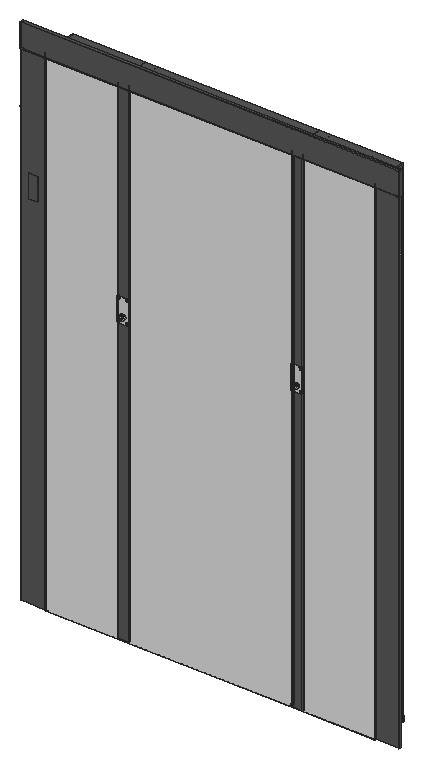
Revit family "88R0313XX", category Furniture, host Wall, Revit 2019 (continued)
Definition of nested family "8XR0313XX"
  Definition of nested family "12inch"
    Forms (in)
      Extrusion 6, solid, material <- "metal frame"
        sketch origin (-403.5, 20, 0) x (-1, 0, 0) y (0, -1, 0)
          loop
            line (-215.08282, -9.08211) -> (-214.20043, -9.08211) -> (-214.20043, -9.02231) -> (-215.08038, -9.02231)
            arc (-215.08038, -9.02231) -> (-215.12298, -9.00467) -> (-215.14063, -8.96207) r 0.06025
            line (-215.14063, -8.96207) -> (-215.14062, -3.7266)
            arc (-215.14062, -3.7266) -> (-215.15284, -3.67393) -> (-215.187, -3.63203) r 0.1196
            arc (-215.187, -3.63203) -> (-215.19896, -3.61239) -> (-215.20312, -3.58979) r 0.06341
            line (-215.20312, -3.58979) -> (-215.26292, -3.58979)
            arc (-215.26292, -3.58979) -> (-215.25949, -3.61774) -> (-215.2494, -3.64402) r 0.11553
            arc (-215.2494, -3.64402) -> (-215.23535, -3.66547) -> (-215.21763, -3.684) r 0.14049
            arc (-215.21763, -3.684) -> (-215.20489, -3.70363) -> (-215.20042, -3.7266) r 0.06131
            line (-215.20042, -3.7266) -> (-215.20043, -8.96451)
            arc (-215.20043, -8.96451) -> (-215.16598, -9.04767) -> (-215.08282, -9.08211) r 0.1176
        from 0.24656 to 82.99656
      Extrusion 7, void
        sketch origin (-186.41917, 25.51162, 41.62156) x (0, -1, 0) y (0, 0, 1)
          loop
            line (-1.51188, 23.9375) -> (-1.51188, 13.125) -> (-0.88688, 13.125) -> (-0.88688, 23.9375) -> (-1.51188, 23.9375)
          loop
            line (-1.51188, -23.375) -> (-1.51188, -39.375) -> (-0.88688, -39.375) -> (-0.88688, -23.375) -> (-1.51188, -23.375)
          loop
            arc (0.53632, 4.5625) -> (0.66132, 4.4375) -> (0.78632, 4.5625) r 0.125
            line (0.78632, 4.5625) -> (0.78632, 8.6875)
            arc (0.78632, 8.6875) -> (0.66132, 8.8125) -> (0.53632, 8.6875) r 0.125
            line (0.53632, 8.6875) -> (0.53632, 4.5625)
        from -0.09105 to 0.1277
      Extrusion 8, void
        sketch origin (-188.42034, 25.51162, 41.62156) x (0, -1, 0) y (0, 0, -1)
          loop
            line (-1.51188, -23.9375) -> (-0.88688, -23.9375) -> (-0.88688, -13.125) -> (-1.51188, -13.125) -> (-1.51188, -23.9375)
          loop
            line (-1.51188, 10.375) -> (-0.88688, 10.375) -> (-0.88688, 39.375) -> (-1.51188, 39.375) -> (-1.51188, 10.375)
          loop
            line (0.53632, -4.5625) -> (0.53632, -8.6875)
            arc (0.53632, -8.6875) -> (0.66132, -8.8125) -> (0.78632, -8.6875) r 0.125
            line (0.78632, -8.6875) -> (0.78632, -4.5625)
            arc (0.78632, -4.5625) -> (0.66132, -4.4375) -> (0.53632, -4.5625) r 0.125
        from -0.09105 to 0.1277
    Cuts and joins
      Extrusion 3, Extrusion 7 cuts Extrusion 1
      Extrusion 4, Extrusion 8 cuts Extrusion 2
      Extrusion 7 cuts Extrusion 5
      Extrusion 8 cuts Extrusion 6
    Dimensions and locks (in)
      locked: plane 4 to plane 3 at 0.0598
      "Depth": plane 5 to plane 3
      locked: plane 7 to plane 6 at 0.06341
      locked: plane 6 to plane 4 at 0.02154
      aligned and locked: level to plane 1
      aligned and locked: plane 4 to Extrusion 1 sketch curve
      aligned and locked: plane 3 to Extrusion 1 sketch curve
      aligned and locked: plane 4 to Extrusion 2 sketch curve
      aligned and locked: plane 3 to Extrusion 2 sketch curve
    Automatic sketch dimensions
      Extrusion 1 sketch curve to plane 8 = 1' - 4.33083"
      Extrusion 1 sketch curve to plane 7 = 0' - 0.02473"
      Extrusion 1 sketch curve to Extrusion 1 sketch curve = 0' - 0.87998"
      Extrusion 1 sketch curve to Extrusion 1 sketch curve = 0' - 0.00084"
      Extrusion 1 sketch curve to plane 7 = 0' - 0.02556"
      Extrusion 1 sketch curve to plane 5 = 0' - 0.05979"
      Extrusion 1 sketch curve to Extrusion 1 sketch curve = 0' - 0.05956"
      plane 5 to Extrusion 1 sketch curve = 0' - 0"
      Extrusion 1 sketch curve to Extrusion 1 sketch curve = 0' - 0.00078"
      Extrusion 1 sketch curve to Extrusion 1 sketch curve = 0' - 1.76159"
      Extrusion 1 sketch curve to Extrusion 1 sketch curve = 0' - 0.00096"
      Extrusion 1 sketch curve to Extrusion 1 sketch curve = 0' - 0.05847"
      Extrusion 1 sketch curve to Extrusion 1 sketch curve = 0' - 0.0598"
      Extrusion 1 sketch curve to Extrusion 1 sketch curve = 0' - 0.25673"
      Extrusion 2 sketch curve to plane 5 = 0' - 0.37877"
      Extrusion 2 sketch curve to plane 8 = 1' - 1.51292"
      Extrusion 2 sketch curve to Extrusion 2 sketch curve = 0' - 0.00119"
      Extrusion 2 sketch curve to Extrusion 2 sketch curve = 0' - 0.00151"
      Extrusion 2 sketch curve to Extrusion 2 sketch curve = 0' - 0.0598"  (x3)
      Extrusion 2 sketch curve to Extrusion 2 sketch curve = 0' - 0.05573"
      Extrusion 2 sketch curve to plane 7 = 0' - 0.0247"
      Extrusion 2 sketch curve to Extrusion 2 sketch curve = 0' - 0.00768"
      Extrusion 2 sketch curve to Extrusion 2 sketch curve = 0' - 0.01436"
      Extrusion 2 sketch curve to Extrusion 2 sketch curve = 0' - 0.00244"
      Extrusion 2 sketch curve to Extrusion 2 sketch curve = 0' - 0.87995"
      Extrusion 2 sketch curve to Extrusion 2 sketch curve = 0' - 0 3/256"
      Extrusion 2 sketch curve to Extrusion 2 sketch curve = 0' - 0.08257"
      Extrusion 2 sketch curve to Extrusion 2 sketch curve = 0' - 0"  (x2)
      plane 7 to Extrusion 3 sketch curve = 0' - 1.91386"  (x2)
      Extrusion 3 sketch curve to Extrusion 3 sketch curve = 0' - 0 5/8"  (x2)
      Extrusion 3 sketch curve to plane 5 = 0' - 1.76429"
      Extrusion 3 sketch curve to Extrusion 3 sketch curve = 0' - 0 1/8"
      level to Extrusion 3 sketch curve = 5' - 5.55906"
      Extrusion 3 sketch curve to Extrusion 3 sketch curve = 0' - 10 13/16"
      Extrusion 3 sketch curve to Extrusion 3 sketch curve = 0' - 4 7/16"
      Extrusion 3 sketch curve to Extrusion 3 sketch curve = 0' - 4 1/8"
      level to Extrusion 3 sketch curve = 1' - 6.24656"
      level to Extrusion 3 sketch curve = 0' - 2.24656"
      plane 7 to Extrusion 4 sketch curve = 0' - 1.91386"  (x2)
      Extrusion 4 sketch curve to Extrusion 4 sketch curve = 0' - 0 5/8"  (x2)
      Extrusion 4 sketch curve to plane 5 = 0' - 1.76429"
      Extrusion 4 sketch curve to Extrusion 4 sketch curve = 0' - 0 1/8"
      level to Extrusion 4 sketch curve = 0' - 2.24656"
      Extrusion 4 sketch curve to Extrusion 4 sketch curve = 2' - 5"
      Extrusion 4 sketch curve to Extrusion 4 sketch curve = 1' - 2 15/16"
      Extrusion 4 sketch curve to Extrusion 4 sketch curve = 0' - 4 1/8"
      Extrusion 4 sketch curve to Extrusion 4 sketch curve = 0' - 4 7/16"
      Extrusion 4 sketch curve to Extrusion 4 sketch curve = 0' - 10 13/16"
      plane 3 to Extrusion 5 sketch curve = 0' - 0"
      plane 4 to Extrusion 5 sketch curve = 0' - 0"
      plane 8 to Extrusion 5 sketch curve = 1' - 4.33082"
      Extrusion 5 sketch curve to plane 7 = 0' - 0.02473"
      Extrusion 5 sketch curve to Extrusion 5 sketch curve = 0' - 0.87998"
      Extrusion 5 sketch curve to Extrusion 5 sketch curve = 0' - 0.00084"
      Extrusion 5 sketch curve to plane 7 = 0' - 0.02556"
      Extrusion 5 sketch curve to plane 5 = 0' - 0.05979"
      Extrusion 5 sketch curve to Extrusion 5 sketch curve = 0' - 0.05956"
      plane 5 to Extrusion 5 sketch curve = 0' - 0"
      Extrusion 5 sketch curve to Extrusion 5 sketch curve = 0' - 0.00078"
      Extrusion 5 sketch curve to Extrusion 5 sketch curve = 0' - 1.76159"
      Extrusion 5 sketch curve to Extrusion 5 sketch curve = 0' - 0.00096"
      Extrusion 5 sketch curve to Extrusion 5 sketch curve = 0' - 0.05847"
      Extrusion 5 sketch curve to Extrusion 5 sketch curve = 0' - 0.0598"
      Extrusion 5 sketch curve to Extrusion 5 sketch curve = 0' - 0.25673"
      plane 3 to Extrusion 6 sketch curve = 0' - 0"
      plane 4 to Extrusion 6 sketch curve = 0' - 0"
      Extrusion 6 sketch curve to plane 5 = 0' - 0.37877"
      plane 8 to Extrusion 6 sketch curve = 1' - 1.51292"
      Extrusion 6 sketch curve to Extrusion 6 sketch curve = 0' - 0.00119"
      Extrusion 6 sketch curve to Extrusion 6 sketch curve = 0' - 0.00151"
      Extrusion 6 sketch curve to Extrusion 6 sketch curve = 0' - 0.0598"  (x3)
      Extrusion 6 sketch curve to Extrusion 6 sketch curve = 0' - 0.05573"
      Extrusion 6 sketch curve to plane 7 = 0' - 0.0247"
      Extrusion 6 sketch curve to Extrusion 6 sketch curve = 0' - 0.00768"
      Extrusion 6 sketch curve to Extrusion 6 sketch curve = 0' - 0.01436"
      Extrusion 6 sketch curve to Extrusion 6 sketch curve = 0' - 0.00244"
      Extrusion 6 sketch curve to Extrusion 6 sketch curve = 0' - 0.87995"
      Extrusion 6 sketch curve to Extrusion 6 sketch curve = 0' - 0.13681"
      Extrusion 6 sketch curve to Extrusion 6 sketch curve = 0' - 0"  (x2)
      Extrusion 6 sketch curve to Extrusion 6 sketch curve = 0' - 0 3/256"
      plane 7 to Extrusion 7 sketch curve = 0' - 1.91386"  (x2)
      Extrusion 7 sketch curve to Extrusion 7 sketch curve = 0' - 0 5/8"  (x2)
      Extrusion 7 sketch curve to plane 5 = 0' - 1.76429"
      Extrusion 7 sketch curve to Extrusion 7 sketch curve = 0' - 0 1/8"
      level to Extrusion 7 sketch curve = 0' - 2.24656"
      Extrusion 7 sketch curve to Extrusion 7 sketch curve = 1' - 4"
      Extrusion 7 sketch curve to Extrusion 7 sketch curve = 2' - 3 15/16"
      Extrusion 7 sketch curve to Extrusion 7 sketch curve = 0' - 4 1/8"
      Extrusion 7 sketch curve to Extrusion 7 sketch curve = 0' - 4 7/16"
      Extrusion 7 sketch curve to Extrusion 7 sketch curve = 0' - 10 13/16"
      plane 7 to Extrusion 8 sketch curve = 0' - 1.91386"  (x2)
      Extrusion 8 sketch curve to Extrusion 8 sketch curve = 0' - 0 5/8"  (x2)
      Extrusion 8 sketch curve to plane 5 = 0' - 1.76429"
      Extrusion 8 sketch curve to Extrusion 8 sketch curve = 0' - 0 1/8"
      level to Extrusion 8 sketch curve = 5' - 5.55906"
      Extrusion 8 sketch curve to Extrusion 8 sketch curve = 0' - 10 13/16"
      Extrusion 8 sketch curve to Extrusion 8 sketch curve = 0' - 4 7/16"
      Extrusion 8 sketch curve to Extrusion 8 sketch curve = 0' - 4 1/8"
      Extrusion 8 sketch curve to Extrusion 8 sketch curve = 1' - 2 15/16"
      level to Extrusion 8 sketch curve = 0' - 2.24656"
  Definition of nested family "14inch"
    Parameters (values of type "88R031324")
      metal frame = none
      URL = "https://palmerhamilton.com/"
      Type Comments = ""
      Salvage or Reuse = yes
      Product Documentation Link = ""
      Percentage of Recycled Content = 0
      Model = ""
      Manufacturer = "Palmer Hamilton"  # constant formula
      Low Emitting Material = yes
      Low Emitting Finish = yes
      Keynote = ""
      Description = "Double Retro-Fit Pocket"
      Depth = 0' - 11 1/2"
      Cost = 0
      Assembly Code = ""
    Reference planes (in)
      plane 1: z = 0
      plane 2: y = 23.15121
      plane 3: y = 34.71102
      plane 4: y = 34.65122
      plane 5: y = 23.21102
      plane 6: y = 34.62968
      plane 7: y = 34.56628
      plane 8: x = -201.75
    Forms (in)
      Extrusion 1, solid, material <- "metal frame"
        sketch origin (0, 20, 0) x (1, 0, 0) y (0, 1, 0)
          loop
            line (-218.08082, 14.71102) -> (-218.08082, 14.65122) -> (-217.20084, 14.65122)
            arc (-217.20084, 14.65122) -> (-217.15826, 14.63358) -> (-217.14062, 14.591) r 0.06022
            line (-217.14062, 14.591) -> (-217.14062, 3.33115)
            arc (-217.14062, 3.33115) -> (-217.10544, 3.24619) -> (-217.02049, 3.21101) r 0.12014
            line (-217.02049, 3.21101) -> (-215.2589, 3.21101)
            arc (-215.2589, 3.21101) -> (-215.17527, 3.24565) -> (-215.14062, 3.32928) r 0.11827
            line (-215.14062, 3.32928) -> (-215.14062, 3.58601) -> (-215.20042, 3.58601) -> (-215.20042, 3.32832)
            arc (-215.20042, 3.32832) -> (-215.21727, 3.28765) -> (-215.25794, 3.27081) r 0.05752
            line (-215.25794, 3.27081) -> (-217.02127, 3.27081)
            arc (-217.02127, 3.27081) -> (-217.06338, 3.28825) -> (-217.08082, 3.33036) r 0.05956
            line (-217.08082, 3.33036) -> (-217.08082, 14.59184)
            arc (-217.08082, 14.59184) -> (-217.11573, 14.67611) -> (-217.20001, 14.71102) r 0.11918
            line (-217.20001, 14.71102) -> (-218.08082, 14.71102)
        from 0.24656 to 82.99656
      Extrusion 2, void
        sketch origin (-217.08082, 25.51162, 41.62156) x (0, -1, 0) y (0, 0, -1)
          loop
            line (-7.14079, -23.9375) -> (-6.51579, -23.9375) -> (-6.51579, -13.125) -> (-7.14079, -13.125) -> (-7.14079, -23.9375)
          loop
            line (-7.14079, 23.375) -> (-6.51579, 23.375) -> (-6.51579, 39.375) -> (-7.14079, 39.375) -> (-7.14079, 23.375)
          loop
            line (0.53632, -4.5625) -> (0.53632, -8.6875)
            arc (0.53632, -8.6875) -> (0.66132, -8.8125) -> (0.78632, -8.6875) r 0.125
            line (0.78632, -8.6875) -> (0.78632, -4.5625)
            arc (0.78632, -4.5625) -> (0.66132, -4.4375) -> (0.53632, -4.5625) r 0.125
        from -0.09105 to 0.1277
      Extrusion 3, solid, material <- "metal frame"
        sketch origin (-403.5, 20, 0) x (-1, 0, 0) y (0, -1, 0)
          loop
            line (-218.08082, -14.71102) -> (-217.20001, -14.71102)
            arc (-217.20001, -14.71102) -> (-217.11573, -14.67611) -> (-217.08082, -14.59184) r 0.11918
            line (-217.08082, -14.59184) -> (-217.08082, -3.33036)
            arc (-217.08082, -3.33036) -> (-217.06338, -3.28825) -> (-217.02127, -3.27081) r 0.05956
            line (-217.02127, -3.27081) -> (-215.25794, -3.27081)
            arc (-215.25794, -3.27081) -> (-215.21727, -3.28765) -> (-215.20042, -3.32832) r 0.05752
            line (-215.20042, -3.32832) -> (-215.20042, -3.58601) -> (-215.14062, -3.58601) -> (-215.14062, -3.32928)
            arc (-215.14062, -3.32928) -> (-215.17527, -3.24565) -> (-215.2589, -3.21101) r 0.11827
            line (-215.2589, -3.21101) -> (-217.02049, -3.21101)
            arc (-217.02049, -3.21101) -> (-217.10544, -3.24619) -> (-217.14062, -3.33115) r 0.12014
            line (-217.14062, -3.33115) -> (-217.14062, -14.591)
            arc (-217.14062, -14.591) -> (-217.15826, -14.63358) -> (-217.20084, -14.65122) r 0.06022
            line (-217.20084, -14.65122) -> (-218.08082, -14.65122) -> (-218.08082, -14.71102)
        from 0.24656 to 82.99656
      Extrusion 4, solid, material <- "metal frame"
        sketch origin (-403.5, 20, 0) x (-1, 0, 0) y (0, -1, 0)
          loop
            line (-215.08282, -14.71102) -> (-214.20043, -14.71102) -> (-214.20043, -14.65122) -> (-215.08038, -14.65122)
            arc (-215.08038, -14.65122) -> (-215.12298, -14.63357) -> (-215.14063, -14.59097) r 0.06025
            line (-215.14063, -14.59097) -> (-215.14063, -3.7266)
            arc (-215.14063, -3.7266) -> (-215.15284, -3.67393) -> (-215.187, -3.63203) r 0.1196
            arc (-215.187, -3.63203) -> (-215.19896, -3.61239) -> (-215.20312, -3.58979) r 0.06341
            line (-215.20312, -3.58979) -> (-215.26292, -3.58979)
            arc (-215.26292, -3.58979) -> (-215.25949, -3.61774) -> (-215.2494, -3.64402) r 0.11553
            arc (-215.2494, -3.64402) -> (-215.23535, -3.66547) -> (-215.21763, -3.684) r 0.14049
            arc (-215.21763, -3.684) -> (-215.20489, -3.70363) -> (-215.20042, -3.7266) r 0.06131
            line (-215.20042, -3.7266) -> (-215.20043, -14.59342)
            arc (-215.20043, -14.59342) -> (-215.16598, -14.67658) -> (-215.08282, -14.71102) r 0.1176
        from 0.24656 to 82.99656
      Extrusion 5, void
        sketch origin (-186.41917, 25.51162, 41.62156) x (0, -1, 0) y (0, 0, 1)
          loop
            line (-7.14079, 23.9375) -> (-7.14079, 13.125) -> (-6.51579, 13.125) -> (-6.51579, 23.9375) -> (-7.14079, 23.9375)
          loop
            line (-7.14079, -23.375) -> (-7.14079, -39.375) -> (-6.51579, -39.375) -> (-6.51579, -23.375) -> (-7.14079, -23.375)
          loop
            arc (0.53632, 4.5625) -> (0.66132, 4.4375) -> (0.78632, 4.5625) r 0.125
            line (0.78632, 4.5625) -> (0.78632, 8.6875)
            arc (0.78632, 8.6875) -> (0.66132, 8.8125) -> (0.53632, 8.6875) r 0.125
            line (0.53632, 8.6875) -> (0.53632, 4.5625)
        from -0.09105 to 0.1277
      Extrusion 6, void
        sketch origin (-188.42034, 25.51162, 41.62156) x (0, -1, 0) y (0, 0, -1)
          loop
            line (-7.14079, -23.9375) -> (-6.51579, -23.9375) -> (-6.51579, -13.125) -> (-7.14079, -13.125) -> (-7.14079, -23.9375)
          loop
            line (-7.14079, 10.375) -> (-6.51579, 10.375) -> (-6.51579, 39.375) -> (-7.14079, 39.375) -> (-7.14079, 10.375)
          loop
            line (0.53632, -4.5625) -> (0.53632, -8.6875)
            arc (0.53632, -8.6875) -> (0.66132, -8.8125) -> (0.78632, -8.6875) r 0.125
            line (0.78632, -8.6875) -> (0.78632, -4.5625)
            arc (0.78632, -4.5625) -> (0.66132, -4.4375) -> (0.53632, -4.5625) r 0.125
        from -27.46969 to 0.1277
      Extrusion 7, solid, material <- "metal frame"
        sketch origin (0, 20, 0) x (1, 0, 0) y (0, 1, 0)
          loop
            arc (-215.08282, 14.71102) -> (-215.16598, 14.67658) -> (-215.20042, 14.59342) r 0.1176
            line (-215.20042, 14.59342) -> (-215.20042, 3.7266)
            arc (-215.20042, 3.7266) -> (-215.20489, 3.70363) -> (-215.21763, 3.684) r 0.06131
            arc (-215.21763, 3.684) -> (-215.23535, 3.66547) -> (-215.2494, 3.64402) r 0.14049
            arc (-215.2494, 3.64402) -> (-215.25949, 3.61774) -> (-215.26292, 3.58979) r 0.11553
            line (-215.26292, 3.58979) -> (-215.20312, 3.58979)
            arc (-215.20312, 3.58979) -> (-215.19896, 3.61239) -> (-215.187, 3.63203) r 0.06341
            arc (-215.187, 3.63203) -> (-215.15284, 3.67393) -> (-215.14062, 3.7266) r 0.1196
            line (-215.14062, 3.7266) -> (-215.14062, 14.59097)
            arc (-215.14062, 14.59097) -> (-215.12298, 14.63357) -> (-215.08038, 14.65122) r 0.06025
            line (-215.08038, 14.65122) -> (-214.20042, 14.65122) -> (-214.20042, 14.71102) -> (-215.08282, 14.71102)
        from 0.24656 to 82.99656
      Extrusion 8, void
        sketch origin (-217.14062, 34.591, 0) x (0, 1, 0) y (0, 0, 1)
          loop
            line (-1.8817, 18.24656) -> (-2.59194, 18.24656) -> (-2.59194, 2.24656) -> (-1.8817, 2.24656) -> (-1.8817, 18.24656)
          loop
            line (-1.91148, 66.55906) -> (-2.59194, 66.55906) -> (-2.59194, 50.55906) -> (-1.91148, 50.55906) -> (-1.91148, 66.55906)
        from 0 to 1.28719
      Extrusion 9, void
        sketch origin (-186.35937, 34.591, 0) x (0, 1, 0) y (0, 0, -1)
          loop
            line (-7.53913, -18.24656) -> (-7.53913, -2.24656) -> (-8.16413, -2.24656) -> (-8.16413, -18.24656) -> (-7.53913, -18.24656)
        from 30.03039 to 31.34375
      Extrusion 10, void
        sketch origin (-217.14062, 28.98756, 0) x (0, 1, 0) y (0, 0, 1)
          loop
            line (-1.93859, 31.24656) -> (-2.56359, 31.24656) -> (-2.56359, 2.24656) -> (-1.93859, 2.24656) -> (-1.93859, 31.24656)
        from 1.28719 to 29.58655
      Extrusion 11, void
        sketch origin (-217.14062, 34.591, 0) x (0, 1, 0) y (0, 0, 1)
          loop
            line (-6.85143, 65.55906) -> (-8.16393, 65.55906) -> (-8.16393, 63.05906) -> (-6.85143, 63.05906) -> (-6.85143, 65.55906)
        from -5.5198 to 34.19636
      Extrusion 12, void
        sketch origin (-217.14062, 34.591, 0) x (0, 1, 0) y (0, 0, 1)
          loop
            line (-7.53913, 18.24656) -> (-8.16413, 18.24656) -> (-8.16413, 2.24656) -> (-7.53913, 2.24656) -> (-7.53913, 18.24656)
        from 29.96024 to 31.34375
    Cuts and joins
      Extrusion 2, Extrusion 5, Extrusion 8, Extrusion 9, Extrusion 10, Extrusion 11, Extrusion 12 cuts Extrusion 1
      Extrusion 5, Extrusion 9, Extrusion 11, Extrusion 12 cuts Extrusion 3
      Extrusion 6, Extrusion 9, Extrusion 10, Extrusion 11 cuts Extrusion 4
      Extrusion 6, Extrusion 10, Extrusion 11, Extrusion 12 cuts Extrusion 7
    Dimensions and locks (in)
      locked: plane 4 to plane 3 at 0.0598
      "Depth": plane 5 to plane 3
      locked: plane 7 to plane 6 at 0.06341
      locked: plane 6 to plane 4 at 0.02154
      aligned and locked: level to plane 1
      aligned and locked: plane 4 to Extrusion 1 sketch curve
      aligned and locked: plane 3 to Extrusion 1 sketch curve
    Automatic sketch dimensions
      Extrusion 1 sketch curve to plane 8 = 1' - 4.33082"
      Extrusion 1 sketch curve to plane 7 = 0' - 0.02473"
      Extrusion 1 sketch curve to Extrusion 1 sketch curve = 0' - 0.87998"
      Extrusion 1 sketch curve to Extrusion 1 sketch curve = 0' - 0.00084"
      Extrusion 1 sketch curve to plane 7 = 0' - 0.02556"
      Extrusion 1 sketch curve to plane 5 = 0' - 0.05979"
      Extrusion 1 sketch curve to Extrusion 1 sketch curve = 0' - 0.05956"
      plane 5 to Extrusion 1 sketch curve = 0' - 0"
      Extrusion 1 sketch curve to Extrusion 1 sketch curve = 0' - 0.00078"
      Extrusion 1 sketch curve to Extrusion 1 sketch curve = 0' - 1.76159"
      Extrusion 1 sketch curve to Extrusion 1 sketch curve = 0' - 0.00096"
      Extrusion 1 sketch curve to Extrusion 1 sketch curve = 0' - 0.05847"
      Extrusion 1 sketch curve to Extrusion 1 sketch curve = 0' - 0.0598"
      Extrusion 1 sketch curve to Extrusion 1 sketch curve = 0' - 0.25673"
      plane 7 to Extrusion 2 sketch curve = 0' - 1.91386"  (x2)
      Extrusion 2 sketch curve to Extrusion 2 sketch curve = 0' - 0 5/8"  (x2)
      Extrusion 2 sketch curve to plane 5 = 0' - 1.76429"
      Extrusion 2 sketch curve to Extrusion 2 sketch curve = 0' - 0 1/8"
      level to Extrusion 2 sketch curve = 5' - 5.55906"
      Extrusion 2 sketch curve to Extrusion 2 sketch curve = 0' - 10 13/16"
      Extrusion 2 sketch curve to Extrusion 2 sketch curve = 0' - 4 7/16"
      Extrusion 2 sketch curve to Extrusion 2 sketch curve = 0' - 4 1/8"
      level to Extrusion 2 sketch curve = 1' - 6.24656"
      level to Extrusion 2 sketch curve = 0' - 2.24656"
      plane 3 to Extrusion 3 sketch curve = 0' - 0"
      plane 4 to Extrusion 3 sketch curve = 0' - 0"
      plane 8 to Extrusion 3 sketch curve = 1' - 4.33082"
      Extrusion 3 sketch curve to plane 7 = 0' - 0.02473"
      Extrusion 3 sketch curve to Extrusion 3 sketch curve = 0' - 0.87998"
      Extrusion 3 sketch curve to Extrusion 3 sketch curve = 0' - 0.00084"
      Extrusion 3 sketch curve to plane 7 = 0' - 0.02556"
      Extrusion 3 sketch curve to plane 5 = 0' - 0.05979"
      Extrusion 3 sketch curve to Extrusion 3 sketch curve = 0' - 0.05956"
      plane 5 to Extrusion 3 sketch curve = 0' - 0"
      Extrusion 3 sketch curve to Extrusion 3 sketch curve = 0' - 0.00078"
      Extrusion 3 sketch curve to Extrusion 3 sketch curve = 0' - 1.76159"
      Extrusion 3 sketch curve to Extrusion 3 sketch curve = 0' - 0.00096"
      Extrusion 3 sketch curve to Extrusion 3 sketch curve = 0' - 0.05847"
      Extrusion 3 sketch curve to Extrusion 3 sketch curve = 0' - 0.0598"
      Extrusion 3 sketch curve to Extrusion 3 sketch curve = 0' - 0.25673"
      plane 3 to Extrusion 4 sketch curve = 0' - 0"
      plane 4 to Extrusion 4 sketch curve = 0' - 0"
      Extrusion 4 sketch curve to plane 5 = 0' - 0.37877"
      plane 8 to Extrusion 4 sketch curve = 1' - 1.51292"
      Extrusion 4 sketch curve to Extrusion 4 sketch curve = 0' - 0.00119"
      Extrusion 4 sketch curve to Extrusion 4 sketch curve = 0' - 0.00151"
      Extrusion 4 sketch curve to Extrusion 4 sketch curve = 0' - 0.0598"  (x3)
      Extrusion 4 sketch curve to Extrusion 4 sketch curve = 0' - 0.05573"
      Extrusion 4 sketch curve to plane 7 = 0' - 0.0247"
      Extrusion 4 sketch curve to Extrusion 4 sketch curve = 0' - 0.00768"
      Extrusion 4 sketch curve to Extrusion 4 sketch curve = 0' - 0.01436"
      Extrusion 4 sketch curve to Extrusion 4 sketch curve = 0' - 0.00244"
      Extrusion 4 sketch curve to Extrusion 4 sketch curve = 0' - 0.87995"
      Extrusion 4 sketch curve to Extrusion 4 sketch curve = 0' - 0.13681"
      Extrusion 4 sketch curve to Extrusion 4 sketch curve = 0' - 0"  (x2)
      Extrusion 4 sketch curve to Extrusion 4 sketch curve = 0' - 0 3/256"
      plane 7 to Extrusion 5 sketch curve = 0' - 1.91386"  (x2)
      Extrusion 5 sketch curve to Extrusion 5 sketch curve = 0' - 0 5/8"  (x2)
      Extrusion 5 sketch curve to plane 5 = 0' - 1.76429"
      Extrusion 5 sketch curve to Extrusion 5 sketch curve = 0' - 0 1/8"
      level to Extrusion 5 sketch curve = 0' - 2.24656"
      Extrusion 5 sketch curve to Extrusion 5 sketch curve = 1' - 4"
      Extrusion 5 sketch curve to Extrusion 5 sketch curve = 2' - 3 15/16"
      Extrusion 5 sketch curve to Extrusion 5 sketch curve = 0' - 4 1/8"
      Extrusion 5 sketch curve to Extrusion 5 sketch curve = 0' - 4 7/16"
      Extrusion 5 sketch curve to Extrusion 5 sketch curve = 0' - 10 13/16"
      plane 7 to Extrusion 6 sketch curve = 0' - 1.91386"  (x2)
      Extrusion 6 sketch curve to Extrusion 6 sketch curve = 0' - 0 5/8"  (x2)
      Extrusion 6 sketch curve to plane 5 = 0' - 1.76429"
      Extrusion 6 sketch curve to Extrusion 6 sketch curve = 0' - 0 1/8"
      level to Extrusion 6 sketch curve = 5' - 5.55906"
      Extrusion 6 sketch curve to Extrusion 6 sketch curve = 0' - 10 13/16"
      Extrusion 6 sketch curve to Extrusion 6 sketch curve = 0' - 4 7/16"
      Extrusion 6 sketch curve to Extrusion 6 sketch curve = 0' - 4 1/8"
      Extrusion 6 sketch curve to Extrusion 6 sketch curve = 1' - 2 15/16"
      level to Extrusion 6 sketch curve = 0' - 2.24656"
      plane 3 to Extrusion 7 sketch curve = 0' - 0"
      plane 4 to Extrusion 7 sketch curve = 0' - 0"
      Extrusion 7 sketch curve to plane 5 = 0' - 0.37877"
      Extrusion 7 sketch curve to plane 8 = 1' - 1.51292"
      Extrusion 7 sketch curve to Extrusion 7 sketch curve = 0' - 0.00119"
      Extrusion 7 sketch curve to Extrusion 7 sketch curve = 0' - 0.00151"
      Extrusion 7 sketch curve to Extrusion 7 sketch curve = 0' - 0.0598"  (x3)
      Extrusion 7 sketch curve to Extrusion 7 sketch curve = 0' - 0.05573"
      Extrusion 7 sketch curve to plane 7 = 0' - 0.0247"
      Extrusion 7 sketch curve to Extrusion 7 sketch curve = 0' - 0.00768"
      Extrusion 7 sketch curve to Extrusion 7 sketch curve = 0' - 0.01436"
      Extrusion 7 sketch curve to Extrusion 7 sketch curve = 0' - 0.00244"
      Extrusion 7 sketch curve to Extrusion 7 sketch curve = 0' - 0.87995"
      Extrusion 7 sketch curve to Extrusion 7 sketch curve = 0' - 0 3/256"
      Extrusion 7 sketch curve to Extrusion 7 sketch curve = 0' - 0.08257"
      Extrusion 7 sketch curve to Extrusion 7 sketch curve = 0' - 0"  (x2)
      Extrusion 8 sketch curve to Extrusion 1 = 0' - 2.59194"  (x2)
      Extrusion 8 sketch curve to Extrusion 8 sketch curve = 0' - 0.68045"
      Extrusion 8 sketch curve to Extrusion 8 sketch curve = 0' - 0.71023"
      Extrusion 8 sketch curve to Extrusion 1 = 0' - 2"
      Extrusion 8 sketch curve to Extrusion 8 sketch curve = 1' - 4"  (x2)
      Extrusion 8 sketch curve to Extrusion 8 sketch curve = 2' - 8 5/16"
      Extrusion 9 sketch curve to plane 5 = 0' - 3.21585"
      Extrusion 9 sketch curve to Extrusion 9 sketch curve = 0' - 0 5/8"
      level to Extrusion 9 sketch curve = 1' - 6.24656"
      level to Extrusion 9 sketch curve = 0' - 2.24656"
      Extrusion 1 to Extrusion 10 sketch curve = 0' - 3.09282"
      Extrusion 10 sketch curve to Extrusion 10 sketch curve = 0' - 0 5/8"
      Extrusion 10 sketch curve to Extrusion 1 = 0' - 2"
      Extrusion 10 sketch curve to Extrusion 10 sketch curve = 2' - 5"
      Extrusion 1 to Extrusion 11 sketch curve = 0' - 3.09592"
      Extrusion 11 sketch curve to Extrusion 11 sketch curve = 0' - 1 5/16"
      Extrusion 11 sketch curve to Extrusion 1 = 1' - 7 15/16"
      Extrusion 11 sketch curve to Extrusion 11 sketch curve = 0' - 2 1/2"
      Extrusion 1 to Extrusion 12 sketch curve = 0' - 3.09572"
      Extrusion 12 sketch curve to Extrusion 12 sketch curve = 0' - 0 5/8"
      Extrusion 12 sketch curve to Extrusion 1 = 0' - 2"
      Extrusion 12 sketch curve to Extrusion 12 sketch curve = 1' - 4"
  Definition of nested family "T FRAME"
    Parameters (values of type "-")
      metal frame = none
      URL = ""
      Type Comments = ""
      T-Edge-Dist = 0' - 0 1/2"
      Side Ch = 0' - 4"
      Salvage or Reuse = yes
      Product Documentation Link = ""
      Percentage of Recycled Content = 0
      Model = ""
      Manufacturer = ""
      Low Emitting Material = yes
      Low Emitting Finish = yes
      Keynote = ""
      Head Pice H = 7' - 9.99656"
      Edge Ext-Dist = 0' - 0.445"
      Description = ""
      Depth = 0' - 5 223/256"
      Cost = 0
      Assembly Code = ""
    Reference planes (in)
      plane 1: z = 0
      plane 2: y = 23.15121
      plane 3: x = -201.75
      plane 4: y = 23.59621
    Forms (in)
      Extrusion 1, solid, material <- "metal frame"
        sketch origin (0, -18.69531, 0) x (1, 0, 0) y (0, 1, 0)
          loop
            line (-233.125, 42.29152) -> (-233.1848, 42.29152) -> (-233.1848, 41.93757)
            arc (-233.1848, 41.93757) -> (-233.15813, 41.87319) -> (-233.09375, 41.84652) r 0.09105
            line (-233.09375, 41.84652) -> (-233.09375, 41.90632)
            arc (-233.09375, 41.90632) -> (-233.11585, 41.91547) -> (-233.125, 41.93757) r 0.03125
            line (-233.125, 41.93757) -> (-233.125, 42.29152)
        from 85.94931 to 82.13141
      Extrusion 2, solid, material <- "metal frame"
        sketch origin (-403.5, -18.69531, 0) x (-1, 0, 0) y (0, -1, 0)
          loop
            line (-233.125, -42.29152) -> (-233.125, -41.93757)
            arc (-233.125, -41.93757) -> (-233.11585, -41.91547) -> (-233.09375, -41.90632) r 0.03125
            line (-233.09375, -41.90632) -> (-233.09375, -41.84652)
            arc (-233.09375, -41.84652) -> (-233.15813, -41.87319) -> (-233.1848, -41.93757) r 0.09105
            line (-233.1848, -41.93757) -> (-233.1848, -42.29152) -> (-233.125, -42.29152)
        from 85.94931 to 82.13141
      Extrusion 3, solid, material <- "metal frame"
        sketch origin (-42.62512, 19.87385, 6.26403) x (0, -1, 0) y (0, 0, -1)
          loop
            line (-3.3684, -79.72713) -> (-3.72235, -79.72713) -> (-3.72235, -79.78693) -> (-3.3684, -79.78693)
            arc (-3.3684, -79.78693) -> (-3.30402, -79.76026) -> (-3.27735, -79.69588) r 0.09105
            line (-3.27735, -79.69588) -> (-3.27735, -75.87798)
            arc (-3.27735, -75.87798) -> (-3.30402, -75.8136) -> (-3.3684, -75.78693) r 0.09105
            line (-3.3684, -75.78693) -> (-3.72235, -75.78693) -> (-3.72235, -75.84673) -> (-3.3684, -75.84673)
            arc (-3.3684, -75.84673) -> (-3.3463, -75.85588) -> (-3.33715, -75.87798) r 0.03125
            line (-3.33715, -75.87798) -> (-3.33715, -79.69588)
            arc (-3.33715, -79.69588) -> (-3.3463, -79.71797) -> (-3.3684, -79.72713) r 0.03125
        from -190.46863 to -127.78113
    Cuts and joins
      joined: Extrusion 1, Extrusion 2
    Dimensions and locks (in)
      "Edge Ext-Dist": plane 2 to plane 4
      aligned and locked: level to plane 1
      aligned and locked: cut or joined group of Extrusion 1, Extrusion 2 to plane 4
      aligned and locked: Extrusion 3 to plane 4  (x2)
      aligned and locked: plane 4 to cut or joined group of Extrusion 1, Extrusion 2  (x3)
      aligned and locked: plane 4 to Extrusion 3
    Automatic sketch dimensions
      Extrusion 1 sketch curve to Extrusion 1 sketch curve = 0' - 0"  (x2)
      plane 2 to Extrusion 1 sketch curve = 0' - 0"
      Extrusion 1 sketch curve to plane 4 = 0' - 0"
      Extrusion 1 sketch curve to plane 3 = 2' - 7.4348"
      Extrusion 1 sketch curve to Extrusion 1 sketch curve = 0' - 0.0598"
      Extrusion 1 sketch curve to Extrusion 1 sketch curve = 0' - 0 1/32"
      Extrusion 2 sketch curve to Extrusion 2 sketch curve = 0' - 0"  (x2)
      plane 2 to Extrusion 2 sketch curve = 0' - 0"
      Extrusion 2 sketch curve to plane 4 = 0' - 0"
      plane 3 to Extrusion 2 sketch curve = 2' - 7.4348"
      Extrusion 2 sketch curve to Extrusion 2 sketch curve = 0' - 0.0598"
      Extrusion 2 sketch curve to Extrusion 2 sketch curve = 0' - 0 1/32"
      Extrusion 3 sketch curve to Extrusion 3 sketch curve = 0' - 0"  (x4)
      Extrusion 3 sketch curve to plane 2 = 0' - 0"
      Extrusion 3 sketch curve to Extrusion 3 sketch curve = 0' - 0.0598"
      Extrusion 3 sketch curve to Extrusion 3 sketch curve = 0' - 0 1/32"  (x2)
      Extrusion 3 sketch curve to plane 4 = 0' - 0"  (x2)
      level to Extrusion 3 sketch curve = 7' - 2.05096"
      Extrusion 3 sketch curve to Extrusion 3 sketch curve = 0' - 3.8179"
  Definition of nested family "4.5H V2"
    Parameters (values of type "4.5H V2")
      metal frame = none
      URL = ""
      Type Comments = ""
      Salvage or Reuse = yes
      Product Documentation Link = ""
      Percentage of Recycled Content = 0
      Model = ""
      Manufacturer = ""
      Low Emitting Material = yes
      Low Emitting Finish = yes
      Keynote = ""
      Description = ""
      Cost = 0
      Assembly Code = ""
      4.5H V1 = yes
    Reference planes (in)
      plane 1: z = 0
      plane 2: y = 23.15121
      plane 3: x = -201.75
    Forms (in)
      Extrusion 1, solid, material <- "metal frame", visible <- "4.5H V1"
        sketch origin (27.32542, -14.24988, -32.05906) x (1, 0, 0) y (0, 1, 0)
          loop
            line (-229.19479, 38.08576) -> (-229.57979, 38.08576)
            arc (-229.57979, 38.08576) -> (-229.66283, 38.05136) -> (-229.69722, 37.96832) r 0.11744
            line (-229.69722, 37.96832) -> (-229.69722, 36.83384)
            arc (-229.69722, 36.83384) -> (-229.66283, 36.7508) -> (-229.57979, 36.71641) r 0.11744
            line (-229.57979, 36.71641) -> (-229.19479, 36.71641)
            arc (-229.19479, 36.71641) -> (-229.15267, 36.69896) -> (-229.13522, 36.65684) r 0.05956
            line (-229.13522, 36.65684) -> (-229.13522, 36.02621) -> (-229.07542, 36.02621) -> (-229.07542, 36.65755)
            arc (-229.07542, 36.65755) -> (-229.11018, 36.74145) -> (-229.19409, 36.77621) r 0.11866
            line (-229.19409, 36.77621) -> (-229.57877, 36.77621)
            arc (-229.57877, 36.77621) -> (-229.62025, 36.79338) -> (-229.63742, 36.83486) r 0.05865
            line (-229.63742, 36.83486) -> (-229.63742, 37.9673)
            arc (-229.63742, 37.9673) -> (-229.62025, 38.00878) -> (-229.57877, 38.02596) r 0.05865
            line (-229.57877, 38.02596) -> (-229.19409, 38.02596)
            arc (-229.19409, 38.02596) -> (-229.11018, 38.06071) -> (-229.07542, 38.14462) r 0.11866
            line (-229.07542, 38.14462) -> (-229.07542, 38.77596) -> (-229.13522, 38.77596) -> (-229.13522, 38.14532)
            arc (-229.13522, 38.14532) -> (-229.15267, 38.1032) -> (-229.19479, 38.08576) r 0.05956
        from 32.05906 to 36.55906
    Dimensions and locks (in)
      aligned and locked: level to plane 1
  Definition of nested family "4.5H V3"
    Parameters (values of type "4.5H V3")
      metal frame = none
      URL = ""
      Type Comments = ""
      Salvage or Reuse = yes
      Product Documentation Link = ""
      Percentage of Recycled Content = 0
      Model = ""
      Manufacturer = ""
      Low Emitting Material = yes
      Low Emitting Finish = yes
      Keynote = ""
      Description = ""
      Cost = 0
      Assembly Code = ""
      4.5H V1 = yes
    Reference planes (in)
      plane 1: z = 0
      plane 2: y = 23.15121
      plane 3: x = -201.75
    Forms (in)
      Extrusion 1, solid, material <- "metal frame", visible <- "4.5H V1"
        sketch origin (27.32542, -14.24988, -32.05906) x (1, 0, 0) y (0, 1, 0)
          loop
            line (-229.19479, 38.08576) -> (-229.57979, 38.08576)
            arc (-229.57979, 38.08576) -> (-229.66283, 38.05136) -> (-229.69722, 37.96832) r 0.11744
            line (-229.69722, 37.96832) -> (-229.69722, 36.83384)
            arc (-229.69722, 36.83384) -> (-229.66283, 36.7508) -> (-229.57979, 36.71641) r 0.11744
            line (-229.57979, 36.71641) -> (-229.19479, 36.71641)
            arc (-229.19479, 36.71641) -> (-229.15267, 36.69896) -> (-229.13522, 36.65684) r 0.05956
            line (-229.13522, 36.65684) -> (-229.13522, 36.02621) -> (-229.07542, 36.02621) -> (-229.07542, 36.65755)
            arc (-229.07542, 36.65755) -> (-229.11018, 36.74145) -> (-229.19409, 36.77621) r 0.11866
            line (-229.19409, 36.77621) -> (-229.57877, 36.77621)
            arc (-229.57877, 36.77621) -> (-229.62025, 36.79338) -> (-229.63742, 36.83486) r 0.05865
            line (-229.63742, 36.83486) -> (-229.63742, 37.9673)
            arc (-229.63742, 37.9673) -> (-229.62025, 38.00878) -> (-229.57877, 38.02596) r 0.05865
            line (-229.57877, 38.02596) -> (-229.19409, 38.02596)
            arc (-229.19409, 38.02596) -> (-229.11018, 38.06071) -> (-229.07542, 38.14462) r 0.11866
            line (-229.07542, 38.14462) -> (-229.07542, 38.77596) -> (-229.13522, 38.77596) -> (-229.13522, 38.14532)
            arc (-229.13522, 38.14532) -> (-229.15267, 38.1032) -> (-229.19479, 38.08576) r 0.05956
        from 32.05906 to 36.55906
    Dimensions and locks (in)
      aligned and locked: level to plane 1
  Definition of nested family "10L 1"
    Parameters (values of type "10L 1")
      metal frame = none
      URL = ""
      Type Comments = ""
      Salvage or Reuse = yes
      Product Documentation Link = ""
      Percentage of Recycled Content = 0
      Model = ""
      Manufacturer = ""
      Low Emitting Material = yes
      Low Emitting Finish = yes
      Keynote = ""
      Description = ""
      Cost = 0
      Assembly Code = ""
      10"L 1 = yes
    Reference planes (in)
      plane 1: z = 0
      plane 2: y = 23.15121
      plane 3: x = -201.75
    Forms (in)
      Extrusion 1, solid, material <- "metal frame", visible <- "10"L 1"
        sketch origin (-197.75627, 14.64851, -14.43088) x (0, 0, 1) y (1, 0, 0)
          loop
            line (15.8616, -4.05353) -> (16.49288, -4.05353) -> (16.49288, -3.99373) -> (15.86057, -3.99373)
            arc (15.86057, -3.99373) -> (15.77735, -4.0282) -> (15.74288, -4.11142) r 0.11769
            line (15.74288, -4.11142) -> (15.74288, -4.4973)
            arc (15.74288, -4.4973) -> (15.72576, -4.53862) -> (15.68445, -4.55573) r 0.05843
            line (15.68445, -4.55573) -> (15.24065, -4.55573)
            arc (15.24065, -4.55573) -> (15.19933, -4.53862) -> (15.18222, -4.4973) r 0.05843
            line (15.18222, -4.4973) -> (15.18088, -4.12912)
            arc (15.18088, -4.12912) -> (15.15378, -4.03472) -> (15.06452, -3.99373) r 0.11769
            line (15.06452, -3.99373) -> (14.43088, -3.99373) -> (14.43088, -4.05353) -> (15.0635, -4.05353)
            arc (15.0635, -4.05353) -> (15.10936, -4.07547) -> (15.12108, -4.12494) r 0.05892
            line (15.12108, -4.12494) -> (15.12108, -4.49593)
            arc (15.12108, -4.49593) -> (15.15705, -4.58089) -> (15.24068, -4.61553) r 0.11826
            line (15.24068, -4.61553) -> (15.68442, -4.61553)
            arc (15.68442, -4.61553) -> (15.76804, -4.58089) -> (15.80268, -4.49727) r 0.11826
            line (15.80268, -4.49727) -> (15.80268, -4.11245)
            arc (15.80268, -4.11245) -> (15.81994, -4.07079) -> (15.8616, -4.05353) r 0.05892
        from 3.5027 to 13.5027
    Dimensions and locks (in)
      aligned and locked: level to plane 1
  Definition of nested family "16H V1"
    Parameters (values of type "16H V1")
      metal frame = none
      URL = ""
      Type Comments = ""
      16"H V1 = yes
      Salvage or Reuse = yes
      Product Documentation Link = ""
      Percentage of Recycled Content = 0
      Model = ""
      Manufacturer = ""
      Low Emitting Material = yes
      Low Emitting Finish = yes
      Keynote = ""
      Description = ""
      Cost = 0
      Assembly Code = ""
    Reference planes (in)
      plane 1: z = 0
      plane 2: y = 23.15121
      plane 3: x = -201.75
    Forms (in)
      Extrusion 1, solid, material <- "metal frame"
        sketch origin (27.32542, -9.18807, -2.24656) x (1, 0, 0) y (0, 1, 0)
          loop
            line (-229.19479, 32.67951) -> (-229.57979, 32.67951)
            arc (-229.57979, 32.67951) -> (-229.66283, 32.64511) -> (-229.69722, 32.56207) r 0.11744
            line (-229.69722, 32.56207) -> (-229.69722, 32.11649)
            arc (-229.69722, 32.11649) -> (-229.66283, 32.03345) -> (-229.57979, 31.99905) r 0.11744
            line (-229.57979, 31.99905) -> (-229.19479, 31.99905)
            arc (-229.19479, 31.99905) -> (-229.15267, 31.98161) -> (-229.13522, 31.93949) r 0.05956
            line (-229.13522, 31.93949) -> (-229.13522, 31.30885) -> (-229.07542, 31.30885) -> (-229.07542, 31.94019)
            arc (-229.07542, 31.94019) -> (-229.11018, 32.0241) -> (-229.19409, 32.05885) r 0.11866
            line (-229.19409, 32.05885) -> (-229.57877, 32.05885)
            arc (-229.57877, 32.05885) -> (-229.62025, 32.07603) -> (-229.63742, 32.11751) r 0.05865
            line (-229.63742, 32.11751) -> (-229.63742, 32.56105)
            arc (-229.63742, 32.56105) -> (-229.62025, 32.60253) -> (-229.57877, 32.61971) r 0.05865
            line (-229.57877, 32.61971) -> (-229.19409, 32.61971)
            arc (-229.19409, 32.61971) -> (-229.11018, 32.65446) -> (-229.07542, 32.73837) r 0.11866
            line (-229.07542, 32.73837) -> (-229.07542, 33.36971) -> (-229.13522, 33.36971) -> (-229.13522, 32.73907)
            arc (-229.13522, 32.73907) -> (-229.15267, 32.69695) -> (-229.19479, 32.67951) r 0.05956
        from 2.24656 to 18.24656
    Dimensions and locks (in)
      aligned and locked: level to plane 1
  Definition of nested family "16H V2"
    Parameters (values of type "16H V2")
      metal frame = none
      URL = ""
      Type Comments = ""
      16"H V1 = yes
      Salvage or Reuse = yes
      Product Documentation Link = ""
      Percentage of Recycled Content = 0
      Model = ""
      Manufacturer = ""
      Low Emitting Material = yes
      Low Emitting Finish = yes
      Keynote = ""
      Description = ""
      Cost = 0
      Assembly Code = ""
    Reference planes (in)
      plane 1: z = 0
      plane 2: y = 23.15121
      plane 3: x = -201.75
    Forms (in)
      Extrusion 1, solid, material <- "metal frame"
        sketch origin (27.32542, -9.18807, -2.24656) x (1, 0, 0) y (0, 1, 0)
          loop
            line (-229.19479, 32.67951) -> (-229.57979, 32.67951)
            arc (-229.57979, 32.67951) -> (-229.66283, 32.64511) -> (-229.69722, 32.56207) r 0.11744
            line (-229.69722, 32.56207) -> (-229.69722, 32.11649)
            arc (-229.69722, 32.11649) -> (-229.66283, 32.03345) -> (-229.57979, 31.99905) r 0.11744
            line (-229.57979, 31.99905) -> (-229.19479, 31.99905)
            arc (-229.19479, 31.99905) -> (-229.15267, 31.98161) -> (-229.13522, 31.93949) r 0.05956
            line (-229.13522, 31.93949) -> (-229.13522, 31.30885) -> (-229.07542, 31.30885) -> (-229.07542, 31.94019)
            arc (-229.07542, 31.94019) -> (-229.11018, 32.0241) -> (-229.19409, 32.05885) r 0.11866
            line (-229.19409, 32.05885) -> (-229.57877, 32.05885)
            arc (-229.57877, 32.05885) -> (-229.62025, 32.07603) -> (-229.63742, 32.11751) r 0.05865
            line (-229.63742, 32.11751) -> (-229.63742, 32.56105)
            arc (-229.63742, 32.56105) -> (-229.62025, 32.60253) -> (-229.57877, 32.61971) r 0.05865
            line (-229.57877, 32.61971) -> (-229.19409, 32.61971)
            arc (-229.19409, 32.61971) -> (-229.11018, 32.65446) -> (-229.07542, 32.73837) r 0.11866
            line (-229.07542, 32.73837) -> (-229.07542, 33.36971) -> (-229.13522, 33.36971) -> (-229.13522, 32.73907)
            arc (-229.13522, 32.73907) -> (-229.15267, 32.69695) -> (-229.19479, 32.67951) r 0.05956
        from 2.24656 to 18.24656
    Dimensions and locks (in)
      aligned and locked: level to plane 1
  Definition of nested family "16H V5"
    Parameters (values of type "16H V5")
      metal frame = none
      URL = ""
      Type Comments = ""
      16"H V1 = yes
      Salvage or Reuse = yes
      Product Documentation Link = ""
      Percentage of Recycled Content = 0
      Model = ""
      Manufacturer = ""
      Low Emitting Material = yes
      Low Emitting Finish = yes
      Keynote = ""
      Description = ""
      Cost = 0
      Assembly Code = ""
    Reference planes (in)
      plane 1: z = 0
      plane 2: y = 23.15121
      plane 3: x = -201.75
    Forms (in)
      Extrusion 1, solid, material <- "metal frame"
        sketch origin (27.32542, -9.18807, -2.24656) x (1, 0, 0) y (0, 1, 0)
          loop
            line (-229.19479, 32.67951) -> (-229.57979, 32.67951)
            arc (-229.57979, 32.67951) -> (-229.66283, 32.64511) -> (-229.69722, 32.56207) r 0.11744
            line (-229.69722, 32.56207) -> (-229.69722, 32.11649)
            arc (-229.69722, 32.11649) -> (-229.66283, 32.03345) -> (-229.57979, 31.99905) r 0.11744
            line (-229.57979, 31.99905) -> (-229.19479, 31.99905)
            arc (-229.19479, 31.99905) -> (-229.15267, 31.98161) -> (-229.13522, 31.93949) r 0.05956
            line (-229.13522, 31.93949) -> (-229.13522, 31.30885) -> (-229.07542, 31.30885) -> (-229.07542, 31.94019)
            arc (-229.07542, 31.94019) -> (-229.11018, 32.0241) -> (-229.19409, 32.05885) r 0.11866
            line (-229.19409, 32.05885) -> (-229.57877, 32.05885)
            arc (-229.57877, 32.05885) -> (-229.62025, 32.07603) -> (-229.63742, 32.11751) r 0.05865
            line (-229.63742, 32.11751) -> (-229.63742, 32.56105)
            arc (-229.63742, 32.56105) -> (-229.62025, 32.60253) -> (-229.57877, 32.61971) r 0.05865
            line (-229.57877, 32.61971) -> (-229.19409, 32.61971)
            arc (-229.19409, 32.61971) -> (-229.11018, 32.65446) -> (-229.07542, 32.73837) r 0.11866
            line (-229.07542, 32.73837) -> (-229.07542, 33.36971) -> (-229.13522, 33.36971) -> (-229.13522, 32.73907)
            arc (-229.13522, 32.73907) -> (-229.15267, 32.69695) -> (-229.19479, 32.67951) r 0.05956
        from 2.24656 to 18.24656
    Dimensions and locks (in)
      aligned and locked: level to plane 1
  Definition of nested family "16H V7"
    Parameters (values of type "16H V7")
      metal frame = none
      URL = ""
      Type Comments = ""
      16"H V1 = yes
      Salvage or Reuse = yes
      Product Documentation Link = ""
      Percentage of Recycled Content = 0
      Model = ""
      Manufacturer = ""
      Low Emitting Material = yes
      Low Emitting Finish = yes
      Keynote = ""
      Description = ""
      Cost = 0
      Assembly Code = ""
    Reference planes (in)
      plane 1: z = 0
      plane 2: y = 23.15121
      plane 3: x = -201.75
    Forms (in)
      Extrusion 1, solid, material <- "metal frame"
        sketch origin (27.32542, -9.18807, -2.24656) x (1, 0, 0) y (0, 1, 0)
          loop
            line (-229.19479, 32.67951) -> (-229.57979, 32.67951)
            arc (-229.57979, 32.67951) -> (-229.66283, 32.64511) -> (-229.69722, 32.56207) r 0.11744
            line (-229.69722, 32.56207) -> (-229.69722, 32.11649)
            arc (-229.69722, 32.11649) -> (-229.66283, 32.03345) -> (-229.57979, 31.99905) r 0.11744
            line (-229.57979, 31.99905) -> (-229.19479, 31.99905)
            arc (-229.19479, 31.99905) -> (-229.15267, 31.98161) -> (-229.13522, 31.93949) r 0.05956
            line (-229.13522, 31.93949) -> (-229.13522, 31.30885) -> (-229.07542, 31.30885) -> (-229.07542, 31.94019)
            arc (-229.07542, 31.94019) -> (-229.11018, 32.0241) -> (-229.19409, 32.05885) r 0.11866
            line (-229.19409, 32.05885) -> (-229.57877, 32.05885)
            arc (-229.57877, 32.05885) -> (-229.62025, 32.07603) -> (-229.63742, 32.11751) r 0.05865
            line (-229.63742, 32.11751) -> (-229.63742, 32.56105)
            arc (-229.63742, 32.56105) -> (-229.62025, 32.60253) -> (-229.57877, 32.61971) r 0.05865
            line (-229.57877, 32.61971) -> (-229.19409, 32.61971)
            arc (-229.19409, 32.61971) -> (-229.11018, 32.65446) -> (-229.07542, 32.73837) r 0.11866
            line (-229.07542, 32.73837) -> (-229.07542, 33.36971) -> (-229.13522, 33.36971) -> (-229.13522, 32.73907)
            arc (-229.13522, 32.73907) -> (-229.15267, 32.69695) -> (-229.19479, 32.67951) r 0.05956
        from 2.24656 to 18.24656
    Dimensions and locks (in)
      aligned and locked: level to plane 1
Types (3): name | V-CL-7 | V-CL-5 | V-CL-2 | V-4.5-1 | Single Retro Fit | Side Ch | Model | H-CL-10"L-1 | Edge Ext-Dist | Double Retro-Fit | Description | Depth | 36W CL
  (no name) | no | yes | no | no | yes | 0' - 4" | "88R031312" | no | 0' - 0.445" | no | "Single Retro-Fit Pocket" | 0' - 5 223/256" | no
  88R031312 | no | yes | no | no | yes | 0' - 4" | "88R031312" | no | 0' - 0.445" | no | "Single Retro-Fit Pocket" | 0' - 5 223/256" | no
  88R031324 | yes | no | yes | yes | no | 0' - 10.0623" | "88R031324" | yes | 0' - 0 57/128" | yes | "Double Retro-Fit Pocket" | 0' - 11 115/256" | yes
